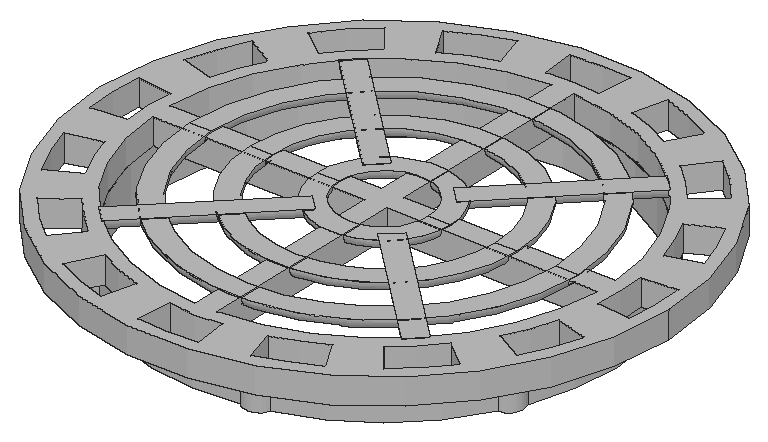
Revit family "483210001(1)", category Generic Models, host Floor, Revit 2019
Family settings
  Host = Floor
  Can host rebar = No
  Always vertical = Yes
  Cut with Voids When Loaded = No
  Shared = Yes
  Room Calculation Point = No
Parameters (values of type "483210001")
  SUPPLIER = "KOERO"
  NT = "Balcony transit and drain wastes"
  NN = "PLUVETTA® ROOSTER"
  NBSYN = "$CNSORDERNO.($LODLEVEL.)"
  NB = "483210001(1)"
  Model = "483210001"
  Manufacturer = "KOERO"
  MIdent = "{$CADENAS_DATA/23d-libs/koero/pluvetta/pluvetta_rooster.prj},188 {VTYP=3D},{NB=483210001(1)},{LINA=483210001},{NN=PLUVETTA® ROOSTER},{DATE=23.04.2020 08:29:08},{GEOMDATE=03.04.2020 06:45:27},{VERSION=},{LINEID=40},{WBVAR=LODLEVEL},{WBNUMERIC=LODLEVEL}  {NB=483210001(1)},{LINA=483210001},{KT=DUMMY},{CNSORDERNO=483210001},{LODLEVEL=1},{BEZ=Afvoerrooster geschikt voor pot 100 mm, Ø 130 mm buitenzijde rooster},{GRATE=1},{D1=130},{D2=102},{H=16},{INFO=PDF Catalog},{HTML=Product page},{S=100},{N=16},{X=0},{GRATEVIS=Transit},{INFOPAGE=pluvetta_pot},{INFOPATH=pluvetta_pot_nl.pdf},{HTML1=https://debeer-sanitair.nl/maattekeningen/pluvetta/},{VER=2}"
  LODLEVEL = "300"
  LINA = "483210001"
  INFO = "PDF Catalog"
  HTML = "Product page"
  H = 16 mm
  Description = "Balcony transit and drain wastes"
  D2 = 102 mm
  D1 = 130 mm
  CREATOR = "CADENAS GmbH"
  CNSORDERNO = "483210001"
  CATALOG = "König & Ronneberger"
  BOMINFO = "LINA"
  BEZ = "Afvoerrooster geschikt voor pot 100 mm, Ø 130 mm buitenzijde rooster"
  ARTICLENO = "NB"
Reference planes
  plane 1 "Center (Front/Back)": y = 0
  plane 2: z = 0
  plane 3 "Center (Left/Right)": x = 0
Dimensions and locks
  aligned and locked: level to plane 2
Nested families
  nested 1: "483210001(1)_content" at (0, 0, 0), type "483210001(1)_Content"
Definition of nested family "483210001(1)_content"
  Parameters (values of type "483210001(1)_Content")
    SUPPLIER = "KOERO"
    NT = "Balcony transit and drain wastes"
    NN = "PLUVETTA® ROOSTER"
    NBSYN = "$CNSORDERNO.($LODLEVEL.)"
    NB = "483210001(1)"
    Model = "483210001"
    Manufacturer = "KOERO"
    LODLEVEL = "300"
    LINA = "483210001"
    INFO = "PDF Catalog"
    HTML = "Product page"
    H = 16 mm
    Description = "Balcony transit and drain wastes"
    Default Elevation = 1219.2 mm
    D2 = 102 mm
    D1 = 130 mm
    CREATOR = "CADENAS GmbH"
    CNSORDERNO = "483210001"
    CATALOG = "König & Ronneberger"
    BOMINFO = "LINA"
    BEZ = "Afvoerrooster geschikt voor pot 100 mm, Ø 130 mm buitenzijde rooster"
    ARTICLENO = "NB"
  Reference planes
    plane 1 "Center (Front/Back)": y = 0
    plane 2: z = 0
    plane 3 "Center (Left/Right)": x = 0
  Forms (mm)
    Extrusion 1, solid, detail levels medium+fine
      sketch origin (0, 0, 0) x (-1, 0, 0) y (0, -1, 0)
        loop
          circle (0, 0) r 65
        loop
          arc (53.66, 6.046) -> (54, 0) -> (53.66, -6.046) r 54
          line (53.66, -6.046) -> (61.61, -6.942)
          arc (61.61, -6.942) -> (62, 0) -> (61.61, 6.942) r 62
          line (61.61, 6.942) -> (53.66, 6.046)
        loop
          line (47.262, -26.121) -> (54.264, -29.991)
          arc (54.264, -29.991) -> (57.281, -23.726) -> (59.577, -17.164) r 62
          line (59.577, -17.164) -> (51.89, -14.949)
          arc (51.89, -14.949) -> (49.889, -20.665) -> (47.262, -26.121) r 54
        loop
          arc (47.262, 26.121) -> (49.889, 20.665) -> (51.89, 14.949) r 54
          line (51.89, 14.949) -> (59.577, 17.164)
          arc (59.577, 17.164) -> (57.281, 23.726) -> (54.264, 29.991) r 62
          line (54.264, 29.991) -> (47.262, 26.121)
        loop
          line (33.668, -42.219) -> (38.656, -48.474)
          arc (38.656, -48.474) -> (43.841, -43.841) -> (48.474, -38.656) r 62
          line (48.474, -38.656) -> (42.219, -33.668)
          arc (42.219, -33.668) -> (38.184, -38.184) -> (33.668, -42.219) r 54
        loop
          arc (33.668, 42.219) -> (38.184, 38.184) -> (42.219, 33.668) r 54
          line (42.219, 33.668) -> (48.474, 38.656)
          arc (48.474, 38.656) -> (43.841, 43.841) -> (38.656, 48.474) r 62
          line (38.656, 48.474) -> (33.668, 42.219)
        loop
          line (14.949, -51.89) -> (17.164, -59.577)
          arc (17.164, -59.577) -> (23.726, -57.281) -> (29.991, -54.264) r 62
          line (29.991, -54.264) -> (26.121, -47.262)
          arc (26.121, -47.262) -> (20.665, -49.889) -> (14.949, -51.89) r 54
        loop
          arc (14.949, 51.89) -> (20.665, 49.889) -> (26.121, 47.262) r 54
          line (26.121, 47.262) -> (29.991, 54.264)
          arc (29.991, 54.264) -> (23.726, 57.281) -> (17.164, 59.577) r 62
          line (17.164, 59.577) -> (14.949, 51.89)
        loop
          line (2.5, -2.5) -> (2.5, -50.939)
          arc (2.5, -50.939) -> (36.062, -36.062) -> (50.939, -2.5) r 51
          line (50.939, -2.5) -> (2.5, -2.5)
        loop
          line (2.5, 2.5) -> (50.939, 2.5)
          arc (50.939, 2.5) -> (36.062, 36.062) -> (2.5, 50.939) r 51
          line (2.5, 50.939) -> (2.5, 2.5)
        loop
          arc (-6.942, -61.61) -> (0, -62) -> (6.942, -61.61) r 62
          line (6.942, -61.61) -> (6.046, -53.66)
          arc (6.046, -53.66) -> (0, -54) -> (-6.046, -53.66) r 54
          line (-6.046, -53.66) -> (-6.942, -61.61)
        loop
          line (-6.942, 61.61) -> (-6.046, 53.66)
          arc (-6.046, 53.66) -> (0, 54) -> (6.046, 53.66) r 54
          line (6.046, 53.66) -> (6.942, 61.61)
          arc (6.942, 61.61) -> (0, 62) -> (-6.942, 61.61) r 62
        loop
          arc (-29.991, -54.264) -> (-23.726, -57.281) -> (-17.164, -59.577) r 62
          line (-17.164, -59.577) -> (-14.949, -51.89)
          arc (-14.949, -51.89) -> (-20.665, -49.889) -> (-26.121, -47.262) r 54
          line (-26.121, -47.262) -> (-29.991, -54.264)
        loop
          line (-29.991, 54.264) -> (-26.121, 47.262)
          arc (-26.121, 47.262) -> (-20.665, 49.889) -> (-14.949, 51.89) r 54
          line (-14.949, 51.89) -> (-17.164, 59.577)
          arc (-17.164, 59.577) -> (-23.726, 57.281) -> (-29.991, 54.264) r 62
        loop
          arc (-48.474, -38.656) -> (-43.841, -43.841) -> (-38.656, -48.474) r 62
          line (-38.656, -48.474) -> (-33.668, -42.219)
          arc (-33.668, -42.219) -> (-38.184, -38.184) -> (-42.219, -33.668) r 54
          line (-42.219, -33.668) -> (-48.474, -38.656)
        loop
          line (-48.474, 38.656) -> (-42.219, 33.668)
          arc (-42.219, 33.668) -> (-38.184, 38.184) -> (-33.668, 42.219) r 54
          line (-33.668, 42.219) -> (-38.656, 48.474)
          arc (-38.656, 48.474) -> (-43.841, 43.841) -> (-48.474, 38.656) r 62
        loop
          line (-50.939, 2.5) -> (-2.5, 2.5) -> (-2.5, 50.939)
          arc (-2.5, 50.939) -> (-36.062, 36.062) -> (-50.939, 2.5) r 51
        loop
          arc (-50.939, -2.5) -> (-36.062, -36.062) -> (-2.5, -50.939) r 51
          line (-2.5, -50.939) -> (-2.5, -2.5) -> (-50.939, -2.5)
        loop
          line (-59.577, 17.164) -> (-51.89, 14.949)
          arc (-51.89, 14.949) -> (-49.889, 20.665) -> (-47.262, 26.121) r 54
          line (-47.262, 26.121) -> (-54.264, 29.991)
          arc (-54.264, 29.991) -> (-57.281, 23.726) -> (-59.577, 17.164) r 62
        loop
          arc (-59.577, -17.164) -> (-57.281, -23.726) -> (-54.264, -29.991) r 62
          line (-54.264, -29.991) -> (-47.262, -26.121)
          arc (-47.262, -26.121) -> (-49.889, -20.665) -> (-51.89, -14.949) r 54
          line (-51.89, -14.949) -> (-59.577, -17.164)
        loop
          arc (-61.61, 6.942) -> (-62, 0) -> (-61.61, -6.942) r 62
          line (-61.61, -6.942) -> (-53.66, -6.046)
          arc (-53.66, -6.046) -> (-54, 0) -> (-53.66, 6.046) r 54
          line (-53.66, 6.046) -> (-61.61, 6.942)
      from 0 to 6
    Extrusion 2, solid, detail levels medium+fine
      sketch origin (0, 0, 0) x (-1, 0, 0) y (0, -1, 0)
        loop
          arc (-48.948, 20.324) -> (-53, 0) -> (-48.948, -20.324) r 53
          arc (-48.948, -20.324) -> (-49.103, -23.647) -> (-46.409, -25.598) r 3.5
          arc (-46.409, -25.598) -> (-33.045, -41.437) -> (-14.629, -50.941) r 53
          arc (-14.629, -50.941) -> (-12.127, -53.134) -> (-8.922, -52.244) r 3.5
          arc (-8.922, -52.244) -> (11.794, -51.671) -> (30.706, -43.199) r 53
          arc (30.706, -43.199) -> (33.98, -42.61) -> (35.283, -39.549) r 3.5
          arc (35.283, -39.549) -> (47.751, -22.996) -> (52.919, -2.927) r 53
          arc (52.919, -2.927) -> (54.5, 0) -> (52.919, 2.927) r 3.5
          arc (52.919, 2.927) -> (47.751, 22.996) -> (35.283, 39.549) r 53
          arc (35.283, 39.549) -> (33.98, 42.61) -> (30.706, 43.199) r 3.5
          arc (30.706, 43.199) -> (11.794, 51.671) -> (-8.922, 52.244) r 53
          arc (-8.922, 52.244) -> (-12.127, 53.134) -> (-14.629, 50.941) r 3.5
          arc (-14.629, 50.941) -> (-33.045, 41.437) -> (-46.409, 25.598) r 53
          arc (-46.409, 25.598) -> (-49.103, 23.647) -> (-48.948, 20.324) r 3.5
        loop
          circle (0, 0) r 51
      from -10 to 0
    Revolve 3, solid, detail levels medium+fine
      sketch origin (0, 0, 0) x (-1, 0, 0) y (0, 0, -1)
        loop
          line (39.32, -6) -> (44.32, -6)
          arc (44.32, -6) -> (41.82, -3.5) -> (39.32, -6) r 2.5
        axis (0, -6) -> (0, -5)
      angle from -360 to 0
    Revolve 4, solid, detail levels medium+fine
      sketch origin (0, 0, 0) x (-1, 0, 0) y (0, 0, -1)
        loop
          line (25.55, -6) -> (30.55, -6)
          arc (30.55, -6) -> (28.05, -3.5) -> (25.55, -6) r 2.5
        axis (0, -6) -> (0, -5)
      angle from -360 to 0
    Revolve 5, solid, detail levels medium+fine
      sketch origin (0, 0, 0) x (-1, 0, 0) y (0, 0, -1)
        loop
          line (10.25, -6) -> (15.25, -6)
          arc (15.25, -6) -> (12.75, -3.5) -> (10.25, -6) r 2.5
        axis (0, -6) -> (0, -5)
      angle from -360 to 0
    Extrusion 6, solid, detail levels medium+fine
      sketch origin (9.016, 9.016, 0) x (-0.707107, 0.707107, 0) y (0, 0, -1)
        loop
          line (-2.5, -6) -> (2.5, -6)
          arc (2.5, -6) -> (0, -3.5) -> (-2.5, -6) r 2.5
      from -38.25 to 0
    Extrusion 7, solid, detail levels medium+fine
      sketch origin (9.016, -9.016, 0) x (-0.707107, -0.707107, 0) y (0, 0, -1)
        loop
          line (-2.5, -6) -> (2.5, -6)
          arc (2.5, -6) -> (0, -3.5) -> (-2.5, -6) r 2.5
      from 0 to 38.25
    Extrusion 8, solid, detail levels medium+fine
      sketch origin (-9.016, -9.016, 0) x (-0.707107, 0.707107, 0) y (0, 0, -1)
        loop
          line (-2.5, -6) -> (2.5, -6)
          arc (2.5, -6) -> (0, -3.5) -> (-2.5, -6) r 2.5
      from 0 to 38.25
    Extrusion 9, solid, detail levels medium+fine
      sketch origin (-9.016, 9.016, 0) x (-0.707107, -0.707107, 0) y (0, 0, -1)
        loop
          line (-2.5, -6) -> (2.5, -6)
          arc (2.5, -6) -> (0, -3.5) -> (-2.5, -6) r 2.5
      from -38.25 to 0
    Extrusion 10, solid, detail levels coarse
      sketch origin (0, 0, -10) x (1, 0, 0) y (0, 1, 0)
        loop
          line (-65, -65) -> (65, -65) -> (65, 65) -> (-65, 65) -> (-65, -65)
      from 0 to 16
  Dimensions and locks
    aligned and locked: level to plane 2
